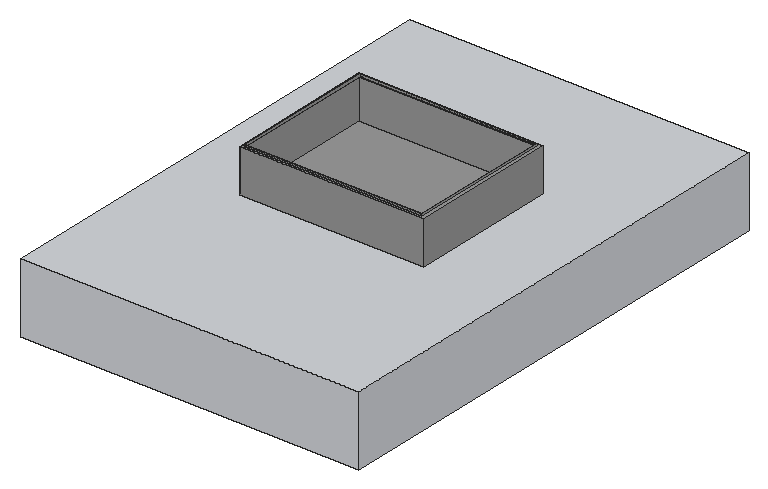
Revit family "Hager-Univers-IP30-D205-H650-Cl.II-Encl-NL-en", category Equipement électrique, Revit 2020
Family settings
  Hôte = Face
  Configuration du panneau = Deux colonnes, circuits au sein
  Cote de connecteur circulaire = Utiliser le diamètre
  Type d'élément = Tableau de raccordement
  Couper avec des vides une fois chargée = Non
  Partagée = Non
  Point de calcul de pièce = Non
Parameters (values of type "Surface mounted (plaster) IP30 W800 H650 D205  - FP43Q1S")
  Width Control [instance] = if([EF000008 - Width] > Min Width, [EF000008 - Width], Min Width)  # 800 mm
  Commentaires du type = [HG000003 - Range]  # "Univers"
  Thickness Door [instance] = if([EF009171 - Material plate thickness door/cover] > 3 mm, 3 mm, [EF009171 - Material plate thickness door/cover])  # 1 mm
  Seal Frame Offset [instance] = 17 mm  # constant formula
  Plinth Visibility [instance] = [HG000027 - Plinth height] > 0 mm  # no
  Model = ""
  Min Width [instance] = 100 mm  # constant formula
  Min Height [instance] = 100 mm  # constant formula
  Min Depth [instance] = (2 * [EF009170 - Material plate thickness cabinet]) + 1 mm  # 3 mm
  Internal Frame Depth [instance] = (Door System Depth * 0.5)  # 9 mm
  Height Control [instance] = if([EF000040 - Height] > Min Height, [EF000040 - Height], Min Height)  # 650 mm
  HG000027 - Plinth height = 0 mm
  HG000026 - Floor standing = no
  HG000024 - Bottom section height = 800 mm
  HG000023 - Double section enclosure = no
  HG000016 - Door 3d visibility [instance] = yes
  HG000015 - Clearance visibility [instance] = no
  HG000014 - Door on the right [instance] = yes
  HG000013 - Door on the left [instance] = not([HG000014 - Door on the right])  # no
  HG000012 - Door swing angle [instance] = 30.00°
  HG000010 - Asymmetric doors = no
  HG000009 - Double swing door = no
  HG000006 - Flush mounted = no
  HG000004 - Manufacturer reference = "FP43Q1S"
  HG000003 - Range = "Univers"
  HG000002 - With door or cover = no
  Frame Offset Bottom [instance] = 10 mm  # constant formula
  Frame Offset [instance] = 15 mm  # constant formula
  EF015940 - Cover with overpressure release = no
  EF011959 - Degree of protection (NEMA) = ""
  EF009554 - Number of openings for flange plates = 6
  EF009212 - Cover model = "EV009916 - With notch"
  EF009171 - Material plate thickness door/cover = 1 mm
  EF009170 - Material plate thickness cabinet = 1 mm
  Fabricant = "Hager"  # constant formula
  EF008873 - Nominal current (In) = 250 A
  EF007800 - Suitable for lightning protection = no
  EF006306 - With lock = no
  EF006244 - Transparent cover/door = no
  EF005474 - Degree of protection (IP) = "EV006410 - IP30"
  EF004464 - Type of door = "EV000494 - None"
  EF004427 - Number of modules = 144
  EF004293 - Impact strength = "EV006813 - IK07"
  EF003532 - Suitable for outdoor use = no
  EF002950 - Width in number of modular spacings = 36
  EF001613 - Circuit integrity = "EV000494 - None"
  EF001596 - Material housing = "EV000179 - Steel"
  EF001131 - Internal depth = 130 mm
  EF001088 - Extension possible = yes
  EF000437 - Number of conduit inlets = 6
  EF000339 - Type of cover = "EV000494 - None"
  EF000266 - Number of rows = 4
  EF000218 - Built-in depth = 0 mm
  EF000118 - With mounting plate = no
  EF000116 - RAL-number = "9010"
  EF000049 - Depth = 205 mm
  EF000040 - Height = 650 mm
  EF000008 - Width = 800 mm
  EF000007 - Colour = "EV000202 - White"
  EF000003 - Mounting method = "EV000384 - Surface mounted (plaster)"
  Door System Leaf Tolerance [instance] = 1.5 mm  # constant formula
  Door System Depth [instance] = 18 mm  # constant formula
  Door Height [instance] = Height Control - [HG000027 - Plinth height]  # 650 mm
  Depth Control [instance] = if([EF000049 - Depth] > Min Depth, [EF000049 - Depth], Min Depth)  # 205 mm
  Default Elevation = 0 mm
  Connector Offset [instance] = Height Control / 2  # 325 mm
  Bottom Top Plate Trim [instance] = 1.5 mm  # constant formula
  Plinth height Ctrl [instance] = if([HG000027 - Plinth height] > 0 mm, [HG000027 - Plinth height], 12 mm)  # 12 mm
Types (5, lengths in mm): name | Width Control | HG000004 - Manufacturer reference | EF009554 - Number of openings for flange plates | EF004427 - Number of modules | EF002950 - Width in number of modular spacings | EF000437 - Number of conduit inlets | EF000008 - Width
  Surface mounted (plaster) IP30 W1050 H650 D205  - FP44Q1S | 1050 | "FP44Q1S" | 8 | 192 | 48 | 8 | 1050
  Surface mounted (plaster) IP30 W1300 H650 D205  - FP45Q1S | 1300 | "FP45Q1S" | 10 | 240 | 60 | 10 | 1300
  Surface mounted (plaster) IP30 W300 H650 D205  - FP41Q1S | 300 | "FP41Q1S" | 2 | 48 | 12 | 2 | 300
  Surface mounted (plaster) IP30 W550 H650 D205  - FP42Q1S | 550 | "FP42Q1S" | 4 | 96 | 24 | 4 | 550
  Surface mounted (plaster) IP30 W800 H650 D205  - FP43Q1S | 800 | "FP43Q1S" | 6 | 144 | 36 | 6 | 800
Reference planes
  plane 1 "Center (Front/Back)": y = 0
  plane 2: z = 0
  plane 3 "Center (Left/Right)": x = 0
  plane 4: z = 205
  plane 5: y = 1
  plane 6: y = 325
  plane 7: y = 0
  plane 8: y = 650
  plane 9: z = 0
  plane 10: x = -385
  plane 11: x = 385
  plane 12: x = 384
  plane 13: x = -384
  plane 14: y = 649
  plane 15: x = -383
  plane 16: x = -400
  plane 17: x = 383
  plane 18: x = 400
  plane 19: x = 399
  plane 20: x = -399
  plane 21: y = 11
  plane 22: y = 650
  plane 23: y = 634
  plane 24: z = 187
  plane 25: z = 1
  plane 26: z = 186
  plane 27: z = 204
Forms (mm)
  Extrusion 1, solid
    sketch origin (0, 0, 0) x (1, 0, 0) y (0, 1, 0)
      loop
        line (-702.964, 1305) -> (-702.964, -811.445) -> (766.763, -811.445) -> (766.763, 1305) -> (-702.964, 1305)
    from 0 to -304.8
  Extrusion 2, solid, material "Hager_Steel_RAL7035_Light_Grey", visible <- "Plinth Visibility", detail levels medium+fine
    sketch origin (0, 0, 0) x (1, 0, 0) y (0, 1, 0)
      loop
        line (-400, 0) -> (400, 0) -> (400, 12) -> (-400, 12) -> (-400, 0)
    from 0 to 187
  Extrusion 3, solid, material "Hager_Steel_RAL7035_Light_Grey", detail levels medium+fine
    sketch origin (0, 0, 0) x (1, 0, 0) y (0, 1, 0)
      loop
        line (-400, 0) -> (400, 0) -> (400, 650) -> (-400, 650) -> (-400, 0)
    from 0 to 187
  Extrusion 4, void
    sketch origin (0, 0, 0) x (1, 0, 0) y (0, 1, 0)
      loop
        line (-399, 1) -> (399, 1) -> (399, 649) -> (-399, 649) -> (-399, 1)
    from 1 to 186
  Extrusion 5, void
    sketch origin (-381.607, -4572, 187) x (0, -1, 0) y (-1, 0, 0)
      loop
        line (-4583, 2.393) -> (-5206, 2.393) -> (-5206, -765.607) -> (-4583, -765.607) -> (-4583, 2.393)
    from 0 to 1 <- "EF009170 - Material plate thickness cabinet"
  Extrusion 6, solid, material "Hager_Steel_RAL7035_Light_Grey", detail levels fine
    sketch origin (0, 0, 187) x (1, 0, 0) y (0, 1, 0)
      loop
        line (-384, 634) -> (-384, 11) -> (384, 11) -> (384, 634) -> (-384, 634)
      loop
        line (-385, 10) -> (385, 10) -> (385, 635) -> (-385, 635) -> (-385, 10)
    from 0 to 9 <- "Internal Frame Depth"
  Extrusion 7, solid, material "Hager_Steel_RAL7035_Light_Grey", detail levels coarse
    sketch origin (0, 0, 0) x (1, 0, 0) y (0, 1, 0)
      loop
        line (-400, 0) -> (400, 0) -> (400, 650) -> (-400, 650) -> (-400, 0)
    from 0 to 205
  Sweep 8, void
    path in 3D
      loop
        line (-400, 12, 0) -> (400, 12, 0) -> (400, 12, 187) -> (-400, 12, 187) -> (-400, 12, 0)
    profile origin (-400, 12, 93.5) x (-1, 0, 0) y (0, -1, 0)
      loop
        line (0, 0) -> (0, 1.5) -> (-1.5, 1.5)
        arc (-1.5, 1.5) -> (-1.061, 0.439) -> (0, 0) r 1.5
Cuts and joins
  Extrusion 4, Extrusion 5 cuts Extrusion 3
  Sweep 8 cuts Extrusion 2
Lines and regions (mm)
  Masking region 1
    outline origin (0, 0, 0) x (1, 0, 0) y (0, 0, 1)
      loop
        line (-400, 205) -> (-400, 0) -> (400, 0) -> (400, 205) -> (-400, 205)
  Masking region 2, detail levels medium+fine
    outline origin (0, 140, 0) x (0, 1, 0) y (0, 0, 1)
      loop
        line (-140, 0) -> (510, 0) -> (510, 187) -> (-140, 187) -> (-140, 0)
  Masking region 3, not visible, detail levels medium+fine
    outline origin (0, 297.922, 0) x (0, 1, 0) y (0, 0, 1)
      loop
        line (38.578, 0) -> (78.578, 0) -> (78.578, 194)
        arc (78.578, 194) -> (75.649, 201.071) -> (68.578, 204) r 10
        line (68.578, 204) -> (38.578, 204) -> (38.578, 0)
  Masking region 4, detail levels coarse
    outline origin (0, 0, 180) x (0, 1, 0) y (0, 0, 1)
      loop
        line (0, -180) -> (650, -180) -> (650, 25) -> (0, 25) -> (0, -180)
  Masking region 5, visible <- "Plinth Visibility", detail levels medium+fine
    outline origin (0, 52.24, 12.345) x (0, 0, -1) y (0, 1, 0)
      loop
        line (10.845, -40.24) -> (-173.155, -40.24)
        arc (-173.155, -40.24) -> (-173.594, -41.301) -> (-174.655, -41.74) r 1.5
        line (-174.655, -41.74) -> (-174.655, -52.24) -> (12.345, -52.24) -> (12.345, -41.74)
        arc (12.345, -41.74) -> (11.285, -41.301) -> (10.845, -40.24) r 1.5
  Masking region 6, detail levels medium+fine
    outline origin (-381.607, -4572, 187) x (-1, 0, 0) y (0, -1, 0)
      loop
        line (18.393, -5222) -> (18.393, -4572) -> (-781.607, -4572) -> (-781.607, -5222) -> (18.393, -5222)
  Masking region 7, visible <- "Plinth Visibility", detail levels medium+fine
    outline origin (-381.607, -4727, 187) x (-1, 0, 0) y (0, -1, 0)
      loop
        arc (16.893, -4739) -> (17.332, -4737.939) -> (18.393, -4737.5) r 1.5
        line (18.393, -4737.5) -> (18.393, -4727) -> (-781.607, -4727) -> (-781.607, -4737.5)
        arc (-781.607, -4737.5) -> (-780.546, -4737.939) -> (-780.107, -4739) r 1.5
        line (-780.107, -4739) -> (16.893, -4739)
  Masking region 8, detail levels coarse
    outline origin (-442.548, -4669.526, 187) x (-1, 0, 0) y (0, -1, 0)
      loop
        line (-42.548, -5319.526) -> (-42.548, -4669.526) -> (-842.548, -4669.526) -> (-842.548, -5319.526) -> (-42.548, -5319.526)
  sketch lines
    curve 1: line (-400, 12, 187) -> (-400, 12, 0)
    curve 2: line (400, 12, 187) -> (-400, 12, 187)
    curve 3: line (400, 12, 187) -> (400, 12, 0)
    curve 4: line (-400, 12, 0) -> (400, 12, 0)
Dimensions and locks
  "Depth Control": plane 4 to Extrusion 1
  "HG000027 - Plinth height": plane 1 "Center (Front/Back)" to plane 7
  "EF009170 - Material plate thickness cabinet": plane 5 to plane 7
  locked: connector elem to plane 3 "Center (Left/Right)"
  equal spacing: plane 8, plane 6, plane 7
  locked: connector elem to plane 6
  "EF009170 - Material plate thickness cabinet": plane 8 to plane 14
  "EF009170 - Material plate thickness cabinet": plane 10 to plane 13
  "EF009170 - Material plate thickness cabinet": plane 12 to plane 11
  "Frame Offset": plane 20 to plane 13
  "Frame Offset": plane 12 to plane 19
  "EF009170 - Material plate thickness cabinet": plane 16 to plane 20
  "EF009170 - Material plate thickness cabinet": plane 19 to plane 18
  "Seal Frame Offset": plane 16 to plane 15
  "Seal Frame Offset": plane 17 to plane 18
  "Frame Offset Bottom": plane 21 to plane 5
  "Frame Offset": plane 14 to plane 23
  equal spacing: plane 16, plane 3 "Center (Left/Right)", plane 18
  "Width Control": plane 16 to plane 18
  "EF009170 - Material plate thickness cabinet": plane 4 to plane 27
  "EF009170 - Material plate thickness cabinet": plane 24 to plane 26
  "EF009170 - Material plate thickness cabinet": plane 25 to level
  "Door System Depth": plane 4 to plane 24
  "Height Control": plane 1 "Center (Front/Back)" to Extrusion 7 sketch curve
  "Height Control": Masking region 4 sketch curve to plane 1 "Center (Front/Back)"
  "Height Control": plane 1 "Center (Front/Back)" to plane 22
  "Bottom Top Plate Trim": profile plane to Sweep 8 sketch curve
  "Bottom Top Plate Trim": Sweep 8 sketch curve to profile plane
  "Plinth height Ctrl": plane 1 "Center (Front/Back)" to Extrusion 2 sketch curve
  "Plinth height Ctrl": Masking region 5 sketch curve to plane 1 "Center (Front/Back)"
  "Plinth height Ctrl": plane 1 "Center (Front/Back)" to Masking region 7 sketch curve
  "Thickness Door": Extrusion 6 sketch curve to Extrusion 6 sketch curve  (x3)
  "Thickness Door": cut or joined group of Extrusion 3, Extrusion 4, Extrusion 5 to Extrusion 6 sketch curve
  radius of Masking region 3 sketch curve = 10 mm
  "Bottom Top Plate Trim": radius of Masking region 5 sketch curve  (x2)
  "Bottom Top Plate Trim": radius of Sweep 8 sketch curve
  "Bottom Top Plate Trim": radius of Masking region 7 sketch curve  (x2)
  aligned and locked: plane 2 to Extrusion 1
  aligned and locked: level to Extrusion 1
  aligned and locked: level to Masking region 1 sketch curve
  aligned and locked: Masking region 1 sketch curve to plane 18
  aligned and locked: Masking region 1 sketch curve to plane 16
  aligned and locked: plane 7 to Masking region 2 sketch curve
  aligned and locked: level to Masking region 3 sketch curve
  aligned and locked: Masking region 3 sketch curve to plane 27
  aligned and locked: level to Masking region 2 sketch curve
  aligned and locked: plane 1 "Center (Front/Back)" to Extrusion 2 sketch curve
  aligned and locked: Extrusion 3 sketch curve to plane 7
  aligned and locked: plane 16 to Extrusion 3 sketch curve
  aligned and locked: plane 18 to Extrusion 3 sketch curve
  aligned and locked: plane 20 to Extrusion 4 sketch curve
  aligned and locked: plane 19 to Extrusion 4 sketch curve
  aligned and locked: Extrusion 4 sketch curve to plane 5
  aligned and locked: Extrusion 4 to plane 25
  aligned and locked: plane 26 to Extrusion 4
  aligned and locked: plane 24 to Extrusion 3
  aligned and locked: Extrusion 5 sketch curve to plane 21
  aligned and locked: Extrusion 5 sketch curve to plane 13
  aligned and locked: Extrusion 5 sketch curve to plane 12
  aligned and locked: plane 18 to Extrusion 7 sketch curve
  aligned and locked: plane 1 "Center (Front/Back)" to Extrusion 7 sketch curve
  aligned and locked: plane 16 to Extrusion 7 sketch curve
  aligned and locked: plane 4 to Extrusion 7
  aligned and locked: Extrusion 7 to level
  aligned and locked: level to Masking region 4 sketch curve
  aligned and locked: Masking region 4 sketch curve to plane 1 "Center (Front/Back)"
  aligned and locked: Masking region 4 sketch curve to plane 4
  aligned and locked: nested 1 to level
  aligned and locked: nested 1 to plane 16
  aligned and locked: plane 8 to Extrusion 3 sketch curve
  aligned and locked: plane 23 to Extrusion 5 sketch curve
  aligned and locked: plane 14 to Extrusion 4 sketch curve
  aligned and locked: Masking region 2 sketch curve to plane 8
  aligned and locked: level to Masking region 5 sketch curve
  aligned and locked: plane 16 to Extrusion 2 sketch curve
  aligned and locked: plane 18 to Extrusion 2 sketch curve
  aligned and locked: Masking region 5 sketch curve to plane 24
  aligned and locked: Masking region 2 sketch curve to plane 24
  aligned and locked: plane 24 to Extrusion 2
  aligned and locked: profile plane to Sweep 8 sketch curve  (x2)
  aligned and locked: Masking region 6 sketch curve to plane 18
  aligned and locked: Masking region 6 sketch curve to plane 22
  aligned and locked: Masking region 6 sketch curve to plane 16
  aligned and locked: plane 8 to plane 22
  aligned and locked: Masking region 6 sketch curve to plane 7
  aligned and locked: Masking region 7 sketch curve to plane 16
  aligned and locked: Masking region 7 sketch curve to plane 1 "Center (Front/Back)"
  aligned and locked: Masking region 7 sketch curve to plane 18
  aligned and locked: Masking region 8 sketch curve to plane 1 "Center (Front/Back)"
  aligned and locked: Masking region 8 sketch curve to plane 18
  aligned and locked: Masking region 8 sketch curve to plane 22
  aligned and locked: Masking region 8 sketch curve to plane 16
  aligned and locked: nested 2 to plane 7
  aligned and locked: plane 3 "Center (Left/Right)" to nested 2
  aligned and locked: nested 2 to plane 24
  aligned and locked: Extrusion 6 sketch curve to cut or joined group of Extrusion 3, Extrusion 4, Extrusion 5  (x4)
Automatic sketch dimensions
  Extrusion 1 sketch curve to Extrusion 1 sketch curve = 1469.727 mm
  Extrusion 1 sketch curve to Extrusion 1 sketch curve = 2116.445 mm
  Masking region 1 sketch curve to plane 4 = 0 mm
  plane 6 to Masking region 3 sketch curve = 11.5 mm
  Masking region 3 sketch curve to Masking region 3 sketch curve = 30 mm
  Masking region 5 sketch curve to plane 1 "Center (Front/Back)" = 0 mm
Nested families
  nested 1: "Hager_Enclosure_Symbol" at (-400, 0, 0) x (1, 0, 0) z (0, -1, 0), Height <- "Depth Control", Width <- "Width Control", type "Hager_Enclosure_Symbol"
    with Width_Ctrl 800 mm, Width 800 mm, Height_Ctrl 205 mm, Height 205 mm, A_Width_Int 13.453 mm, A_Width 161.438 mm, A_Height_Ctrl 179.375 mm, A_Height 179.375 mm
  nested 2: "EC000058_Univers_Door" at (0, 0, 187) x (1, 0, 0) z (0, 1, 0), Leaf_Tolerance <- "Door System Leaf Tolerance", Angle <- "HG000012 - Door swing angle", Door_Depth <- "Door System Depth", Door_Left <- "HG000013 - Door on the left", Transparent <- "EF006244 - Transparent cover/door", Assymetrical <- "HG000010 - Asymmetric doors", Width <- "Width Control", Clearance <- "HG000015 - Clearance visibility", Double <- "HG000009 - Double swing door", 3d_Door <- "HG000016 - Door 3d visibility", Lock_Visibility <- "EF006306 - With lock", Width_Ctrl <- "Width Control", Door_Right <- "HG000014 - Door on the right", Door <- "HG000002 - With door or cover", Height <- "Door Height", Thickness <- "Thickness Door", type "EC000058_Univers_Door", detail levels medium+fine
    with min_wh 3 mm, Width_Ctrl 800 mm, Width 800 mm, Transparent no, Thickness 1 mm, Seal_Material Hager_Rubber, Lock_Visibility no, Lock_Material Hager_Plastic_RAL9005_Jet_Black, Leaf_Width 800 mm, Leaf_Tolerance_External_Sides 0 mm, Leaf_Tolerance 1.5 mm, Leaf_Offset 0 mm, Leaf_Height 647 mm, Leaf_2_Width 800 mm, Leaf_2_Offset 400 mm, Leaf_1_Width 800 mm, Leaf_1_Offset 400 mm, Height_Ctrl 650 mm, Height 650 mm, Glass_Material Hager_Glass, Double_Clearance_Ctrl no, Double no, Door_Right_Ctrl no, Door_Right yes, Door_Material Hager_Steel_RAL7035_Light_Grey, Door_Left_Ctrl no, Door_Left no, Door_Depth 18 mm, Door no, Clearance_Material Hager_Clearance, Clearance_Depth 800 mm, Clearance_Ctrl no, Clearance no, Assymetrical no, Angle 30.00°, 3d_Door yes
Connectors
  electrical at (0, 325, 0)
    settings: on plane 9, index 1, voltage 0 V, apparent load 0 VA, apparent load phase1 0 VA, apparent load phase2 0 VA, apparent load phase3 0 VA, power factor 1, load classification "Other", number of poles 1, system type 30, power factor state 1, is connector primary yes, connector utility no, sub classification motor no, connector description ""
Definition of nested family "Hager_Enclosure_Symbol"
  Parameters (values of type "Hager_Enclosure_Symbol")
    Width_Ctrl [instance] = if(Width > 1 mm, Width, 1 mm)  # 102.27 mm
    Width [instance] = 102.27 mm
    Height_Ctrl [instance] = if(Height > 1 mm, Height, 1 mm)  # 66.5 mm
    A_Width_Int [instance] = if(A_Width / 12 > 2 mm, A_Width / 12, 2 mm)  # 4.364 mm
    A_Width [instance] = if(A_Height_Ctrl * 0.9 > 2 mm, A_Height_Ctrl * 0.9, 2 mm)  # 52.369 mm
    A_Height_Ctrl [instance] = if(A_Height > 2 mm, A_Height, 2 mm)  # 58.188 mm
    Height [instance] = 66.5 mm
    A_Height [instance] = Height - (Height / 8)  # 58.188 mm
  Reference planes
    plane 1 "Centre (avant/arrière)": y = 0
    plane 2: z = 0
    plane 3 "Centre (gauche/droite)": x = 0
    plane 4: x = 52.369
    plane 5: y = 33.042
    plane 6: y = 41.77
    plane 7: y = 66.5
    plane 8: x = 26.184
    plane 9: y = 37.406
    plane 10: x = 102.27
    plane 11: y = 66.5
    plane 12: y = 8.313
  Lines and regions (mm)
    Filled region 1, type "Solid_Black", in view "Niveau de réf."
      outline origin (0, 0, 0) x (1, 0, 0) y (0, 1, 0)
        loop
          line (52.369, 66.5) -> (33.188, 54.536) -> (45.365, 45.006) -> (52.369, 66.5)
    Filled region 2, type "Solid_Black", in view "Niveau de réf."
      outline origin (0, 0, 0) x (1, 0, 0) y (0, 1, 0)
        loop
          line (0, 0) -> (102.27, 0) -> (102.27, 66.5) -> (0, 0)
    detail lines, in view "Niveau de réf."
      curve 1: line (0, 8.313, 0) -> (26.184, 41.77, 0)
      curve 2: line (26.184, 41.77, 0) -> (26.184, 33.042, 0)
      curve 3: line (26.184, 33.042, 0) -> (52.369, 66.5, 0)
  Dimensions and locks
    "A_Width": plane 3 "Centre (gauche/droite)" to plane 4
    equal spacing: plane 3 "Centre (gauche/droite)", plane 8, plane 4
    equal spacing: plane 6, plane 9, plane 5
    equal spacing: curve 3, Filled region 1 sketch curve, Filled region 1 sketch curve
    "Height_Ctrl": plane 1 "Centre (avant/arrière)" to plane 11
    "A_Height_Ctrl": plane 11 to plane 12
    equal spacing: plane 11, plane 9, plane 12
    "A_Width_Int": plane 6 to plane 9
    "Width_Ctrl": plane 3 "Centre (gauche/droite)" to plane 10
    angle Filled region 1 sketch curve to curve 3 = 20.00°
    angle curve 3 to Filled region 1 sketch curve = 20.00°
    locked: curve 3 to Filled region 1 sketch curve (angle 90.00°)
    aligned and locked: plane 10 to Filled region 2
    aligned and locked: plane 11 to Filled region 2 sketch curve
    aligned and locked: plane 10 to Filled region 2 sketch curve
    aligned and locked: plane 3 "Centre (gauche/droite)" to curve 1
    aligned and locked: plane 12 to curve 1
    aligned and locked: plane 7 to plane 11
  Automatic sketch dimensions
    Filled region 1 sketch curve to plane 4 = 0 mm
    Filled region 1 sketch curve to plane 7 = 0 mm
    plane 1 "Centre (avant/arrière)" to Filled region 2 sketch curve = 0 mm
    Filled region 2 sketch curve to plane 3 "Centre (gauche/droite)" = 0 mm
    curve 2 to plane 6 = 0 mm
    curve 2 to plane 8 = 0 mm
    curve 3 to plane 4 = 0 mm
    curve 2 to plane 5 = 0 mm
    curve 3 to plane 7 = 0 mm
Definition of nested family "EC000058_Univers_Door"
  Parameters (values of type "EC000058_Univers_Door")
    min_wh [instance] = (2 * Thickness) + 1 mm  # 11 mm
    Width_Ctrl [instance] = 400 mm
    Width [instance] = 500 mm
    Transparent [instance] = yes
    Thickness [instance] = 5 mm
    Seal_Material [instance] = none
    Lock_Visibility [instance] = yes
    Lock_Material [instance] = none
    Leaf_Width [instance] = if((Width_Ctrl - 2 * Leaf_Tolerance_External_Sides) > 0 mm, (Width_Ctrl - 2 * Leaf_Tolerance_External_Sides), min_wh)  # 400 mm
    Leaf_Tolerance_External_Sides [instance] = 0 mm  # constant formula
    Leaf_Tolerance [instance] = 1.5 mm
    Leaf_Offset [instance] = 0 mm  # constant formula
    Leaf_Height [instance] = if((Height_Ctrl - 2 * Leaf_Tolerance) > 0 mm, (Height_Ctrl - 2 * Leaf_Tolerance), min_wh)  # 497 mm
    Leaf_2_Width [instance] = if(and(and(Double, Assymetrical), Door_Left), (Leaf_Width / 3) - (Leaf_Tolerance / 2), if(and(and(Double, Assymetrical), Door_Right), (Leaf_Width / 3) * 2 - (Leaf_Tolerance / 2), if(and(Double, not(Assymetrical)), (Leaf_Width / 2) - Leaf_Tolerance, Leaf_Width)))  # 400 mm
    Leaf_2_Offset [instance] = if(and(Double, Assymetrical), Leaf_2_Width / 2, if(and(Double, not(Assymetrical)), Leaf_Width / 4, Leaf_Width / 2))  # 200 mm
    Leaf_1_Width [instance] = if(and(and(Double, Assymetrical), Door_Right), (Leaf_Width / 3) - (Leaf_Tolerance / 2), if(and(and(Double, Assymetrical), Door_Left), (Width / 3) * 2 - (Leaf_Tolerance / 2), if(and(Double, not(Assymetrical)), (Leaf_Width / 2) - Leaf_Tolerance, Leaf_Width)))  # 400 mm
    Leaf_1_Offset [instance] = if(and(Double, Assymetrical), Leaf_1_Width / 2, if(and(Double, not(Assymetrical)), Leaf_Width / 4, Leaf_Width / 2))  # 200 mm
    Height_Ctrl [instance] = if(Height > min_wh, Height, min_wh)  # 500 mm
    Height [instance] = 500 mm
    Glass_Material [instance] = none
    Double_Clearance_Ctrl [instance] = and(Double, Clearance)  # no
    Double [instance] = no
    Door_Right_Ctrl [instance] = and(or(Door_Right, Double), Door)  # yes
    Door_Right [instance] = yes
    Door_Material [instance] = none
    Door_Left_Ctrl [instance] = and(or(Door_Left, Double), Door)  # no
    Door_Left [instance] = no
    Door_Depth [instance] = 30 mm
    Door [instance] = yes
    Default Elevation = 1219.2 mm
    Clearance_Material [instance] = none
    Clearance_Depth [instance] = if(Leaf_1_Width > Leaf_2_Width, Leaf_1_Width, Leaf_2_Width)  # 400 mm
    Clearance_Ctrl [instance] = and(not(Double), Clearance)  # yes
    Clearance [instance] = yes
    Assymetrical [instance] = yes
    Angle [instance] = 30.00°
    3d_Door [instance] = yes
  Reference planes
    plane 1 "Center (Front/Back)": y = 0
    plane 2 "Bottom": z = 0
    plane 3 "Center (Left/Right)": x = 0
    plane 4: z = 500
    plane 5: x = -200
    plane 6: x = 200
    plane 7: z = 500
    plane 8: x = -200
    plane 9: z = 0
    plane 10: x = 200
    plane 11: y = 0
    plane 12: z = 1.5
    plane 13: x = -600
    plane 14: y = -400
    plane 15: x = 600
    plane 16: x = 0
    plane 17: x = 0
    plane 18: x = -200
    plane 19: x = 200
    plane 20: z = 498.5
  Forms (mm)
    Extrusion 1, solid, material <- "Clearance_Material", visible <- "Double_Clearance_Ctrl"
      sketch origin (1200, 0, 0) x (1, 0, 0) y (0, 0, -1)
        loop
          line (-1800, -498.5) -> (-600, -498.5) -> (-600, 0) -> (-1800, 0) -> (-1800, -498.5)
      from 0 to -400
  Dimensions and locks
    equal spacing: plane 5, plane 3 "Center (Left/Right)", plane 6
    "Width_Ctrl": plane 5 to plane 6
    "Leaf_Offset": plane 5 to plane 8
    "Leaf_Offset": plane 6 to plane 10
    "Leaf_Offset": plane 9 to level
    "Leaf_Offset": plane 4 to plane 7
    "Height_Ctrl": plane 4 to level
    "Leaf_Tolerance": plane 12 to plane 9
    locked: plane 11 to plane 1 "Center (Front/Back)"
    "Leaf_1_Offset": plane 18 to plane 16
    "Leaf_2_Offset": plane 17 to plane 19
    "Leaf_1_Width": plane 13 to plane 8
    "Leaf_2_Width": plane 10 to plane 15
    "Clearance_Depth": plane 14 to plane 1 "Center (Front/Back)"
    "Leaf_Tolerance_External_Sides": plane 8 to plane 18
    "Leaf_Tolerance_External_Sides": plane 19 to plane 10
    "Leaf_Tolerance": plane 7 to plane 20
    aligned and locked: level to plane 2 "Bottom"
    aligned and locked: nested 1 to plane 16
    aligned and locked: nested 2 to plane 17
    aligned and locked: Extrusion 1 to plane 13
    aligned and locked: plane 15 to Extrusion 1
    aligned and locked: Extrusion 1 to plane 14
    aligned and locked: plane 12 to nested 1
    aligned and locked: nested 2 to plane 12
    aligned and locked: Extrusion 1 to plane 11
    aligned and locked: plane 20 to Extrusion 1
    aligned and locked: nested 2 to plane 11
    aligned and locked: nested 1 to plane 11
  Automatic sketch dimensions
    Extrusion 1 sketch curve to level = 0 mm
    plane 5 to Extrusion 1 sketch curve = 400 mm
    plane 6 to Extrusion 1 sketch curve = 400 mm
    Extrusion 1 sketch curve to plane 4 = 1.5 mm
  Nested families
    nested 1: "EC000058_Univers_Door_Leaf" at (0, 0, 1.5), Width <- "Leaf_1_Width", visible <- "Door_Left_Ctrl", Leaf_Height <- "Leaf_Height", Angle <- "Angle", 3d_Door <- "3d_Door", Transparent <- "Transparent", Clearance Material <- "Clearance_Material", Clearance <- "Clearance_Ctrl", Door_Material <- "Door_Material", Glass_Material <- "Glass_Material", Door_Depth <- "Door_Depth", Lock_Material <- "Lock_Material", Seal_Material <- "Seal_Material", Lock_Visibility <- "Lock_Visibility", Thickness <- "Thickness", type "EC000058_Univers_Door_Leaf"
      with Width 400 mm, Transparent_Glass_Offset 30 mm, Transparent_Ctrl yes, Transparent yes, Thickness 5 mm, Standard no, Seal_Material none, Seal_D2 8 mm, Seal_D1 1 mm, Offset_Internal_Frame 10 mm, Lock_Width 20 mm, Lock_Visibility_3d yes, Lock_Visibility yes, Lock_Thickness_3 3 mm, Lock_Thickness_2 1 mm, Lock_Thickness_1 3 mm, Lock_Radius_Offset_2 16 mm, Lock_Radius_Offset_1 15 mm, Lock_Radius_2 5 mm, Lock_Radius 6 mm, Lock_Offset 5 mm, Lock_Material none, Lock_Height 80 mm, Lock_Cover_Top_Offset_2d 17 mm, Lock_Cover_Height -65 mm, Leaf_Height 497 mm, Internal_Seal_Thickness 8 mm, Internal_Seal_Depth_2 4.5 mm, Internal_Frame_Depth 25 mm, Glass_Thickness -1 mm, Glass_Offset -2 mm, Glass_Material none, Door_Material none, Door_Depth 30 mm, Clearance Material none, Clearance yes, Angle_Ctrl 30.00°, Angle 30.00°, 3d_Door yes
    nested 2: "EC000058_Univers_Door_Leaf" at (0, 0, 1.5) x (-1, 0, 0) z (0, 0, 1), Width <- "Leaf_2_Width", visible <- "Door_Right_Ctrl", Leaf_Height <- "Leaf_Height", Angle <- "Angle", 3d_Door <- "3d_Door", Transparent <- "Transparent", Clearance Material <- "Clearance_Material", Clearance <- "Clearance_Ctrl", Door_Material <- "Door_Material", Glass_Material <- "Glass_Material", Door_Depth <- "Door_Depth", Lock_Material <- "Lock_Material", Seal_Material <- "Seal_Material", Lock_Visibility <- "Lock_Visibility", Thickness <- "Thickness", type "EC000058_Univers_Door_Leaf"
      with Width 400 mm, Transparent_Glass_Offset 30 mm, Transparent_Ctrl yes, Transparent yes, Thickness 5 mm, Standard no, Seal_Material none, Seal_D2 8 mm, Seal_D1 1 mm, Offset_Internal_Frame 10 mm, Lock_Width 20 mm, Lock_Visibility_3d yes, Lock_Visibility yes, Lock_Thickness_3 3 mm, Lock_Thickness_2 1 mm, Lock_Thickness_1 3 mm, Lock_Radius_Offset_2 16 mm, Lock_Radius_Offset_1 15 mm, Lock_Radius_2 5 mm, Lock_Radius 6 mm, Lock_Offset 5 mm, Lock_Material none, Lock_Height 80 mm, Lock_Cover_Top_Offset_2d 17 mm, Lock_Cover_Height -65 mm, Leaf_Height 497 mm, Internal_Seal_Thickness 8 mm, Internal_Seal_Depth_2 4.5 mm, Internal_Frame_Depth 25 mm, Glass_Thickness -1 mm, Glass_Offset -2 mm, Glass_Material none, Door_Material none, Door_Depth 30 mm, Clearance Material none, Clearance yes, Angle_Ctrl 30.00°, Angle 30.00°, 3d_Door yes
  Definition of nested family "EC000058_Univers_Door_Leaf"
    Parameters (values of type "EC000058_Univers_Door_Leaf")
      Width [instance] = 2000 mm
      Transparent_Glass_Offset [instance] = 30 mm
      Transparent_Ctrl [instance] = and(Transparent, [3d_Door])  # yes
      Transparent [instance] = yes
      Thickness [instance] = 5 mm
      Standard [instance] = and(not(Transparent), [3d_Door])  # no
      Seal_Material [instance] = none
      Seal_D2 [instance] = 8 mm  # constant formula
      Seal_D1 [instance] = 1 mm  # constant formula
      Offset_Internal_Frame [instance] = 10 mm  # constant formula
      Lock_Width [instance] = 20 mm  # constant formula
      Lock_Visibility_3d [instance] = and(Lock_Visibility, [3d_Door])  # yes
      Lock_Visibility [instance] = yes
      Lock_Thickness_3 [instance] = 3 mm  # constant formula
      Lock_Thickness_2 [instance] = 1 mm  # constant formula
      Lock_Thickness_1 [instance] = 3 mm  # constant formula
      Lock_Radius_Offset_2 [instance] = Lock_Radius_Offset_1 + 1 mm  # 16 mm
      Lock_Radius_Offset_1 [instance] = 15 mm  # constant formula
      Lock_Radius_2 [instance] = Lock_Radius - 1 mm  # 5 mm
      Lock_Radius [instance] = 6 mm  # constant formula
      Lock_Offset [instance] = 5 mm  # constant formula
      Lock_Material [instance] = none
      Lock_Height [instance] = 80 mm  # constant formula
      Lock_Cover_Top_Offset_2d [instance] = Lock_Radius_Offset_2 + 1 mm  # 17 mm
      Lock_Cover_Height [instance] = -(Lock_Height - Lock_Radius_Offset_1)  # -65 mm
      Leaf_Height [instance] = 2720.336 mm
      Internal_Seal_Thickness [instance] = 8 mm  # constant formula
      Internal_Seal_Depth_2 [instance] = 4.5 mm  # constant formula
      Internal_Frame_Depth [instance] = if(Door_Depth - Thickness > 5 mm, Door_Depth - Thickness, 5 mm)  # 25 mm
      Glass_Thickness [instance] = if(Thickness > 15 mm, Glass_Offset + 10 mm, -1 mm)  # -1 mm
      Glass_Offset [instance] = if(Thickness > 15 mm, -(Thickness + 10 mm) / 2, -2 mm)  # -2 mm
      Glass_Material [instance] = none
      Door_Material [instance] = none
      Door_Depth [instance] = 30 mm
      Default Elevation = 0 mm
      Clearance Material [instance] = none
      Clearance [instance] = yes
      Angle_Ctrl [instance] = if(Angle > 180.00°, 180.00°, Angle)  # 90.00°
      Angle [instance] = 90.00°
      3d_Door [instance] = yes
    Reference planes
      plane 1 "Center (Front/Back)": y = 0
      plane 2: z = 0
      plane 3 "Center (Left/Right)": x = 0
      plane 4: y = 2000
      plane 5: x = -1000
      plane 6: x = 1000
      plane 7: x = -3000
      plane 8: z = 2720.336
      plane 9: z = 30
      plane 10: z = 2690.336
      plane 11: x = 970
      plane 12: x = -970
      plane 13: y = -3
      plane 14: z = 107.833
      plane 15: y = -5
      plane 16: y = -223.314
      plane 17: x = -1000
      plane 18: z = 1360.168
      plane 19: y = 30
    Forms (mm)
      Extrusion 1, solid, material <- "Clearance Material", visible <- "Clearance"
        sketch origin (0, 0, 0) x (1, 0, 0) y (0, 0, 1)
          loop
            line (-3000, 2720.336) -> (-3000, 0) -> (1000, 0) -> (1000, 2720.336) -> (-3000, 2720.336)
        from 0 to -2000
      Extrusion 2, solid, material <- "Door_Material", visible <- "Standard", detail levels medium+fine
        sketch origin (-1000, 0, 0) x (0, 1, 0) y (-1, 0, 0)
          loop
            line (0, 30) -> (0, 25) -> (2000, 25) -> (2000, 30) -> (0, 30)
        from 0 to 2720.336 <- "Leaf_Height"
      Extrusion 3, solid, material <- "Door_Material", visible <- "Transparent_Ctrl", detail levels medium+fine
        sketch origin (-1000, 0, 0) x (0, 1, 0) y (-1, 0, 0)
          loop
            line (0, 25) -> (2000, 25) -> (2000, 30) -> (0, 30) -> (0, 25)
        from 0 to 2720.336 <- "Leaf_Height"
      Extrusion 4, void
        sketch origin (-1025, 2000, 0) x (0, 1, 0) y (0, 0, -1)
          loop
            line (-30, -2690.336) -> (-30, -30) -> (-1970, -30) -> (-1970, -2690.336) -> (-30, -2690.336)
        from 0 to 5 <- "Thickness"
      Sweep 5, solid, material <- "Seal_Material", visible <- "Transparent_Ctrl", detail levels fine
        path in 3D
          loop
            line (-1025, 30, 30) -> (-1025, 30, 2690.336) -> (-1025, 1970, 2690.336) -> (-1025, 1970, 30) -> (-1025, 30, 30)
        profile origin (-1025, 1000, 30) x (1, 0, 0) y (0, 0, 1)
          loop
            line (0, 0) -> (0, -8) -> (1, -8) -> (1, 0) -> (0, 0)
      Extrusion 6, solid, material <- "Glass_Material", visible <- "Transparent_Ctrl", detail levels medium+fine
        sketch origin (-1030, 0, 0) x (0, 1, 0) y (0, 0, -1)
          loop
            line (1970, -2690.336) -> (1970, -30) -> (30, -30) -> (30, -2690.336) -> (1970, -2690.336)
        from -2 <- "Glass_Offset" to -1 <- "Glass_Thickness"
      Extrusion 7, solid, material <- "Door_Material", visible <- "3d_Door", detail levels medium+fine
        sketch origin (-1025, 2000, 0) x (0, -1, 0) y (0, 0, -1)
          loop
            line (0, -2720.336) -> (2000, -2720.336) -> (2000, 0) -> (0, 0) -> (0, -2720.336)
          loop
            line (1995, -5) -> (5, -5) -> (5, -2715.336) -> (1995, -2715.336) -> (1995, -5)
        from 0 to 25 <- "Internal_Frame_Depth"
      Sweep 8, solid, material <- "Seal_Material", visible <- "Transparent_Ctrl", detail levels fine
        path in 3D
          loop
            line (-1025, 0, 0) -> (-1025, 2000, 0) -> (-1025, 2000, 2720.336) -> (-1025, 0, 2720.336) -> (-1025, 0, 0)
        profile origin (-1025, 0, 1360.168) x (1, 0, 0) y (0, 1, 0)
          loop
            line (0, 10) -> (2.975, 10)
            arc (2.975, 10) -> (4.053, 10.447) -> (4.5, 11.525) r 1.525
            line (4.5, 11.525) -> (4.5, 16.527)
            arc (4.5, 16.527) -> (4.069, 17.569) -> (3.027, 18) r 1.473
            line (3.027, 18) -> (0, 18) -> (0, 10)
      Extrusion 9, solid, material <- "Lock_Material", visible <- "Lock_Visibility_3d", detail levels fine
        sketch origin (-1030, 0, 0) x (0, 1, 0) y (0, 0, -1)
          loop
            arc (1993.5, -1400.168) -> (1994.561, -1399.729) -> (1995, -1398.668) r 1.5
            line (1995, -1398.668) -> (1995, -1320.168) -> (1975, -1320.168) -> (1975, -1398.668)
            arc (1975, -1398.668) -> (1975.439, -1399.729) -> (1976.5, -1400.168) r 1.5
            line (1976.5, -1400.168) -> (1993.5, -1400.168)
        from 3 <- "Lock_Thickness_1" to 0
      Blend 10, solid, material <- "Lock_Material", visible <- "Lock_Visibility_3d", detail levels fine
        base sketch origin (-1033, 0, 0) x (0, 1, 0) y (0, 0, -1)
          loop
            line (1975, -1320.168) -> (1975, -1398.668)
            arc (1975, -1398.668) -> (1975.439, -1399.729) -> (1976.5, -1400.168) r 1.5
            line (1976.5, -1400.168) -> (1993.5, -1400.168)
            arc (1993.5, -1400.168) -> (1994.561, -1399.729) -> (1995, -1398.668) r 1.5
            line (1995, -1398.668) -> (1995, -1320.168) -> (1975, -1320.168)
        top sketch origin (-1033, 0, 0) x (0, 1, 0) y (0, 0, -1)
          loop
            line (1976, -1320.168) -> (1976, -1398.668)
            arc (1976, -1398.668) -> (1976.146, -1399.022) -> (1976.5, -1399.168) r 0.5
            line (1976.5, -1399.168) -> (1993.5, -1399.168)
            arc (1993.5, -1399.168) -> (1993.854, -1399.022) -> (1994, -1398.668) r 0.5
            line (1994, -1398.668) -> (1994, -1320.168) -> (1976, -1320.168)
        from 0 to 1 <- "Lock_Thickness_2"
      Blend 11, solid, material <- "Lock_Material", visible <- "Lock_Visibility_3d", detail levels fine
        base sketch origin (-1034, 0, 0) x (0, 1, 0) y (0, 0, -1)
          loop
            line (1978, -1320.168) -> (1978, -1384.168)
            arc (1978, -1384.168) -> (1985, -1391.168) -> (1992, -1384.168) r 7
            line (1992, -1384.168) -> (1992, -1320.168) -> (1978, -1320.168)
        top sketch origin (-1034, 0, 0) x (0, 1, 0) y (0, 0, -1)
          loop
            line (1991, -1320.168) -> (1979, -1320.168) -> (1979, -1383.168)
            arc (1979, -1383.168) -> (1985, -1389.168) -> (1991, -1383.168) r 6
            line (1991, -1383.168) -> (1991, -1320.168)
        from 0 to 3 <- "Lock_Thickness_3"
      Extrusion 12, solid, material <- "Lock_Material", visible <- "Lock_Visibility_3d", detail levels fine
        sketch origin (-1030, 1975, 1320.168) x (1, 0, 0) y (0, -1, 0)
          loop
            line (-7, -19) -> (-7, -1) -> (0, -1) -> (0, 0) -> (-8, 0) -> (-8, -20) -> (0, -20) -> (0, -19) -> (-7, -19)
        from 0 to -65 <- "Lock_Cover_Height"
      Extrusion 13, void
        sketch origin (-1038, 1995, 1320.168) x (-1, 0, 0) y (0, 0, -1)
          loop
            line (-5, -65) -> (0, -65) -> (-5, -60) -> (-5, -65)
        from 0 to 20 <- "Lock_Width"
      Extrusion 14, void
        sketch origin (-1038, 1975, 1320.168) x (0, -1, 0) y (0, 0, -1)
          loop
            circle (-10, -15.995) r 6
          loop
            circle (-10, -15.995) r 5
        from 0 to 2
      Extrusion 15, solid, material <- "Lock_Material", visible <- "Lock_Visibility_3d", detail levels medium
        sketch origin (-1030, 0, 0) x (0, 1, 0) y (0, 0, -1)
          loop
            arc (1993.5, -1400.168) -> (1994.561, -1399.729) -> (1995, -1398.668) r 1.5
            line (1995, -1398.668) -> (1995, -1320.168) -> (1975, -1320.168) -> (1975, -1398.668)
            arc (1975, -1398.668) -> (1975.439, -1399.729) -> (1976.5, -1400.168) r 1.5
            line (1976.5, -1400.168) -> (1993.5, -1400.168)
        from 8 to 0
    Cuts and joins
      Extrusion 4 cuts Extrusion 3
      Extrusion 13, Extrusion 14 cuts Extrusion 9
      Extrusion 14 cuts Blend 11
      Extrusion 13, Extrusion 14 cuts Extrusion 12
      joined: Extrusion 9, Blend 10, Blend 11, Extrusion 12
      Extrusion 14 cuts Extrusion 15
    Lines and regions (mm)
      Masking region 1, visible <- "Lock_Visibility", detail levels fine
        outline origin (0, 0, 0) x (0, 1, 0) y (0, 0, 1)
          loop
            line (30, 1320.168) -> (33, 1320.168) -> (33, 1400.168) -> (30, 1400.168) -> (30, 1320.168)
      Masking region 2, visible <- "Lock_Visibility", detail levels fine
        outline origin (0, 3.143, 0) x (0, 1, 0) y (0, 0, 1)
          loop
            line (29.857, 1354.168) -> (30.857, 1354.168) -> (30.857, 1366.168) -> (29.857, 1366.168) -> (29.857, 1354.168)
      Masking region 3, detail levels medium+fine
        outline origin (0, 0, 0) x (0, 1, 0) y (0, 0, 1)
          loop
            line (0, 0) -> (30, 0) -> (30, 2720.336) -> (0, 2720.336) -> (0, 0)
      Masking region 4, detail levels medium+fine
        outline origin (0, 0, 0) x (1, 0, 0) y (0, 0, 1)
          loop
            line (-1000, 2720.336) -> (-1000, 0) -> (1000, 0) -> (1000, 2720.336) -> (-1000, 2720.336)
      Masking region 5, visible <- "Lock_Visibility", detail levels fine
        outline origin (-47.116, 0, 0) x (1, 0, 0) y (0, 0, 1)
          loop
            arc (1024.616, 1399.168) -> (1023.556, 1398.729) -> (1023.116, 1397.668) r 1.5
            line (1023.116, 1397.668) -> (1023.116, 1320.168) -> (1041.116, 1320.168) -> (1041.116, 1397.668)
            arc (1041.116, 1397.668) -> (1040.677, 1398.729) -> (1039.616, 1399.168) r 1.5
            line (1039.616, 1399.168) -> (1024.616, 1399.168)
      Masking region 6, visible <- "Lock_Visibility", detail levels medium+fine
        outline origin (-25, 0, 0) x (1, 0, 0) y (0, 0, 1)
          loop
            arc (1001.5, 1400.168) -> (1000.439, 1399.729) -> (1000, 1398.668) r 1.5
            line (1000, 1398.668) -> (1000, 1320.168) -> (1020, 1320.168) -> (1020, 1398.668)
            arc (1020, 1398.668) -> (1019.561, 1399.729) -> (1018.5, 1400.168) r 1.5
            line (1018.5, 1400.168) -> (1001.5, 1400.168)
      Masking region 7, visible <- "Lock_Visibility", detail levels fine
        outline origin (-73.735, 0, 0) x (1, 0, 0) y (0, 0, 1)
          loop
            line (1051.735, 1382.168) -> (1065.735, 1382.168) -> (1065.735, 1384.168)
            arc (1065.735, 1384.168) -> (1058.735, 1391.168) -> (1051.735, 1384.168) r 7
            line (1051.735, 1384.168) -> (1051.735, 1382.168)
      Masking region 8, visible <- "Lock_Visibility", detail levels fine
        outline origin (-73.735, 0, 0) x (1, 0, 0) y (0, 0, 1)
          loop
            line (1052.735, 1382.168) -> (1064.735, 1382.168) -> (1064.735, 1383.168)
            arc (1064.735, 1383.168) -> (1058.735, 1389.168) -> (1052.735, 1383.168) r 6
            line (1052.735, 1383.168) -> (1052.735, 1382.168)
      Masking region 9, visible <- "Lock_Visibility", detail levels fine
        outline origin (-25, 0, 0) x (1, 0, 0) y (0, 0, 1)
          loop
            line (1020, 1320.168) -> (1020, 1382.168) -> (1000, 1382.168) -> (1000, 1320.168) -> (1020, 1320.168)
      Masking region 10, detail levels medium+fine
        outline origin (0, 0, 0) x (1, 0, 0) y (0, 0, 1)
          loop
            circle (985, 1335.144) r 6
      Masking region 11, detail levels fine
        outline origin (0, 0, 0) x (1, 0, 0) y (0, 0, 1)
          loop
            circle (985, 1335.144) r 5
      Masking region 12, visible <- "Lock_Visibility", detail levels fine
        outline origin (0, 12.767, 0) x (0, 1, 0) y (0, 0, 1)
          loop
            line (20.233, 1320.168) -> (21.233, 1320.168) -> (21.233, 1399.168) -> (20.233, 1400.168) -> (20.233, 1320.168)
      Masking region 13, visible <- "Lock_Visibility", detail levels fine
        outline origin (0, 13.767, -10) x (0, 1, 0) y (0, 0, 1)
          loop
            line (20.233, 1330.168) -> (23.233, 1330.168) -> (23.233, 1399.168) -> (20.233, 1402.168) -> (20.233, 1330.168)
      Masking region 14, visible <- "Lock_Visibility", detail levels fine
        outline origin (0, 12.767, -10) x (0, 1, 0) y (0, 0, 1)
          loop
            line (20.233, 1330.168) -> (25.233, 1330.168) -> (25.233, 1399.305) -> (20.233, 1394.305) -> (20.233, 1330.168)
      Masking region 15, visible <- "Lock_Visibility", detail levels medium
        outline origin (0, 0, 0) x (0, 1, 0) y (0, 0, 1)
          loop
            line (30, 1320.168) -> (38, 1320.168) -> (38, 1400.168) -> (30, 1400.168) -> (30, 1320.168)
      Masking region 16, visible <- "Lock_Visibility", detail levels fine
        outline origin (-1000, 0, 0) x (0, 1, 0) y (-1, 0, 0)
          loop
            line (1975, 30) -> (1995, 30) -> (1995, 38) -> (1975, 38) -> (1975, 30)
          loop
            line (1979, 37) -> (1976, 37) -> (1976, 34) -> (1978, 34) -> (1979, 37)
          loop
            line (1994, 37) -> (1991, 37) -> (1992, 34) -> (1994, 34) -> (1994, 37)
      Masking region 17, visible <- "Lock_Visibility", detail levels medium
        outline origin (-1000, 0, 0) x (0, 1, 0) y (-1, 0, 0)
          loop
            line (1975, 30) -> (1995, 30) -> (1995, 38) -> (1975, 38) -> (1975, 30)
      symbolic lines
        curve 1: line (1000, 0, 0) -> (-3000, 0, 0)
        curve 2: arc (1000, 0, 0) -> (-1000, 2000, 0) -> (-3000, 0, 0) r 2000
        curve 4: line (-1030, 0, 0) -> (-1030, 2000, 0)
      reference lines
        curve 3: line (-1000, 0, 0) -> (-1000, 2000, 0)
      symbolic lines, detail levels medium+fine
        curve 5: line (-1030, 2000, 0) -> (-1025, 2000, 0)
        curve 7: line (-1025, 0, 0) -> (-1030, 0, 0)
        curve 8: line (-1025, 0, 0) -> (-1000, 0, 0)
        curve 9: line (-1000, 0, 0) -> (-1000, 2000, 0)
        curve 10: line (-1000, 2000, 0) -> (-1025, 2000, 0)
      symbolic lines, detail levels fine
        curve 6: line (-1025, 2000, 0) -> (-1025, 0, 0)
      sketch lines
        curve 11: line (-1025, 0, 2720.336) -> (-1025, 0, 0)
        curve 12: line (-1025, 2000, 0) -> (-1025, 0, 0)
        curve 13: line (-1025, 2000, 2720.336) -> (-1025, 2000, 0)
        curve 14: line (-1025, 0, 2720.336) -> (-1025, 2000, 2720.336)
        curve 15: line (-1025, 1970, 30) -> (-1025, 30, 30)
        curve 16: line (-1025, 30, 30) -> (-1025, 30, 2690.336)
        curve 17: line (-1025, 1970, 2690.336) -> (-1025, 1970, 30)
        curve 18: line (-1025, 30, 2690.336) -> (-1025, 1970, 2690.336)
      symbolic lines, visible <- "Transparent", detail levels medium+fine
        curve 19: line (-970, 0, 2690.336) -> (970, 0, 2690.336)
        curve 20: line (-970, 0, 30) -> (-970, 0, 2690.336)
        curve 21: line (970, 0, 30) -> (-970, 0, 30)
        curve 22: line (970, 0, 2690.336) -> (970, 0, 30)
    Dimensions and locks
      "Width": plane 1 "Center (Front/Back)" to plane 4
      equal spacing: plane 5, plane 3 "Center (Left/Right)", plane 6
      "Width": plane 5 to plane 6
      "Width": plane 7 to plane 5
      "Leaf_Height": plane 8 to level
      "Width": curve 5 to curve 3
      "Width": curve 3 to curve 3
      plane 8 to plane 10 = 30 mm
      plane 9 to level = 30 mm
      plane 12 to plane 5 = 30 mm
      plane 6 to plane 11 = 30 mm
      Extrusion 1 to Extrusion 4 sketch curve = 30 mm
      "Transparent_Glass_Offset": curve 3 to Extrusion 4 sketch curve
      "Transparent_Glass_Offset": Extrusion 4 sketch curve to cut or joined group of Extrusion 3, Extrusion 4  (x2)
      cut or joined group of Extrusion 3, Extrusion 4 to Extrusion 6 sketch curve = 30 mm
      "Transparent_Glass_Offset": cut or joined group of Extrusion 3, Extrusion 4 to Extrusion 4 sketch curve
      "Thickness": curve 6 to curve 4
      "Thickness": Extrusion 7 sketch curve to Extrusion 7 sketch curve  (x4)
      "Door_Depth": curve 4 to curve 3
      "Offset_Internal_Frame": profile plane to Sweep 8 sketch curve
      "Internal_Seal_Thickness": Sweep 8 sketch curve to Sweep 8 sketch curve
      "Internal_Seal_Depth_2": profile plane to Sweep 8 sketch curve
      "Seal_D1": profile plane to Sweep 5 sketch curve
      "Seal_D2": profile plane to Sweep 5 sketch curve
      "Thickness": Extrusion 2 sketch curve to Extrusion 2 sketch curve
      equal spacing: Extrusion 9 sketch curve, plane 18, Extrusion 9 sketch curve  (x2)
      equal spacing: Masking region 1 sketch curve, plane 18, Masking region 1 sketch curve
      "Lock_Height": Masking region 1 sketch curve to Masking region 1 sketch curve
      "Lock_Radius": Masking region 2 sketch curve to plane 18 to Masking region 2 sketch curve
      Masking region 2 sketch curve to Masking region 1 = 1 mm
      "Door_Depth": plane 19 to plane 1 "Center (Front/Back)"
      "Lock_Thickness_1": Masking region 1 sketch curve to plane 19
      "Lock_Width": Extrusion 9 sketch curve to Extrusion 9 sketch curve
      "Lock_Height": Extrusion 9 sketch curve to Extrusion 9 sketch curve
      "Lock_Offset": cut or joined group of Extrusion 3, Extrusion 4 to Extrusion 9 sketch curve
      equal spacing: plane 8, plane 18, level
      "Lock_Radius_Offset_1": Blend 11 sketch curve to Blend 10
      locked: Blend 10 to Blend 11 sketch curve at 2  (x2)
      locked: var sketch to Blend 11 sketch curve at 1  (x2)
      "Lock_Radius_Offset_2": Blend 11 sketch curve to Blend 10
      locked: Extrusion 12 sketch curve to Extrusion 12 sketch curve at 1  (x3)
      Masking region 6 sketch curve to Masking region 6 sketch curve = 80 mm
      "Lock_Height": Masking region 6 sketch curve to Masking region 6 sketch curve
      "Lock_Width": Masking region 6 sketch curve to Masking region 6 sketch curve
      locked: Masking region 6 to Masking region 5 sketch curve at 1  (x3)
      locked: Masking region 5 to Masking region 7 sketch curve at 2  (x2)
      "Lock_Radius_Offset_1": Masking region 5 to Masking region 7 sketch curve
      "Lock_Radius_Offset_2": Masking region 5 to Masking region 8 sketch curve
      locked: Masking region 7 to Masking region 8 sketch curve at 1  (x2)
      "Lock_Cover_Top_Offset_2d": Masking region 5 to Masking region 9 sketch curve
      equal spacing: Masking region 9, Masking region 10 sketch curve, Masking region 9
      equal spacing: Masking region 9, Masking region 11 sketch curve, Masking region 9
      Extrusion 15 sketch curve to Extrusion 15 sketch curve = 80 mm
      "Lock_Width": Extrusion 15 sketch curve to Extrusion 15 sketch curve
      "Lock_Height": Extrusion 15 sketch curve to Extrusion 15 sketch curve
      equal spacing: Extrusion 15 sketch curve, plane 18, Extrusion 15 sketch curve
      "Lock_Thickness_3": Masking region 13 sketch curve to Masking region 13 sketch curve
      "Lock_Height": Masking region 12 sketch curve to Masking region 12 sketch curve
      locked: Masking region 13 sketch curve to Masking region 1 at 8
      locked: Masking region 14 sketch curve to Masking region 13 at 1
      locked: Masking region 14 sketch curve to Masking region 1 at 10.863
      "Lock_Height": Masking region 15 sketch curve to Masking region 15 sketch curve
      "Lock_Offset": Extrusion 15 sketch curve to cut or joined group of Extrusion 3, Extrusion 4
      "Lock_Offset": plane 6 to Masking region 6 sketch curve
      radius of Sweep 8 sketch curve = 1.525 mm
      radius of Sweep 8 sketch curve = 1.473 mm
      radius of Extrusion 9 sketch curve = 1.5 mm  (x2)
      "Lock_Radius": radius of Extrusion 14 sketch curve
      "Lock_Radius_2": radius of Extrusion 14 sketch curve
      "Lock_Radius": radius of Masking region 10 sketch curve
      "Lock_Radius_2": radius of Masking region 11 sketch curve
      radius of Extrusion 15 sketch curve = 1.5 mm  (x2)
      "Angle_Ctrl": angle plane 1 "Center (Front/Back)" to curve 3
      locked: Masking region 12 sketch curve to Masking region 12 sketch curve (angle 45.00°)
      locked: Masking region 13 sketch curve to Masking region 13 sketch curve (angle 45.00°)
      locked: Masking region 14 sketch curve to Masking region 14 sketch curve (angle 45.00°)
      aligned and locked: level to plane 2
      aligned and locked: Extrusion 1 to curve 1
      aligned and locked: plane 6 to Extrusion 1
      aligned and locked: Extrusion 1 to plane 1 "Center (Front/Back)"
      aligned and locked: plane 4 to Extrusion 1
      aligned and locked: plane 8 to Extrusion 1
      aligned and locked: curve 7 to Extrusion 2 sketch curve
      aligned and locked: curve 5 to Extrusion 2 sketch curve
      aligned and locked: curve 7 to Extrusion 3 sketch curve
      aligned and locked: Extrusion 3 sketch curve to curve 4
      aligned and locked: Extrusion 3 sketch curve to curve 6
      aligned and locked: Extrusion 3 sketch curve to curve 5
      aligned and locked: curve 9 to curve 3
      aligned and locked: Extrusion 7 sketch curve to cut or joined group of Extrusion 3, Extrusion 4  (x4)
      aligned and locked: plane 17 to curve 3
      aligned and locked: plane 1 "Center (Front/Back)" to curve 3
      aligned and locked: plane 17 to plane 5
      aligned and locked: Sweep 8 sketch curve to profile plane
      aligned and locked: Sweep 5 sketch curve to profile plane  (x2)
      aligned and locked: Masking region 1 to Masking region 2 sketch curve
      aligned and locked: plane 19 to Masking region 1 sketch curve
      aligned and locked: plane 1 "Center (Front/Back)" to Masking region 3 sketch curve
      aligned and locked: plane 19 to Masking region 3 sketch curve
      aligned and locked: level to Masking region 3 sketch curve
      aligned and locked: Masking region 3 sketch curve to plane 8
      aligned and locked: plane 17 to Masking region 4 sketch curve
      aligned and locked: level to Masking region 4 sketch curve
      aligned and locked: Masking region 4 sketch curve to plane 8
      aligned and locked: plane 12 to curve 20
      aligned and locked: plane 10 to curve 19
      aligned and locked: plane 11 to curve 22
      aligned and locked: curve 21 to plane 9
      aligned and locked: Extrusion 2 sketch curve to cut or joined group of Extrusion 3, Extrusion 4
      aligned and locked: Blend 10 sketch curve to Extrusion 9  (x4)
      aligned and locked: Extrusion 9 to Blend 10 sketch curve
      aligned and locked: Blend 10 to Blend 11 sketch curve
      aligned and locked: Extrusion 12 sketch curve to Blend 11
      aligned and locked: Extrusion 12 sketch curve to Extrusion 9  (x4)
      aligned and locked: Masking region 5 sketch curve to Masking region 6
      aligned and locked: Masking region 9 sketch curve to Masking region 6  (x3)
      aligned and locked: Masking region 12 sketch curve to Masking region 1
      aligned and locked: Masking region 13 sketch curve to Masking region 1
      aligned and locked: Masking region 12 to Masking region 14
      aligned and locked: Masking region 14 sketch curve to Masking region 1
      aligned and locked: Masking region 15 sketch curve to Masking region 14
      aligned and locked: Masking region 13 sketch curve to Masking region 12
      aligned and locked: Masking region 16 sketch curve to cut or joined group of Extrusion 14, Extrusion 15  (x4)
      aligned and locked: Masking region 16 sketch curve to cut or joined group of Extrusion 9, Blend 10, Blend 11, Extrusion 12, Extrusion 13, Extrusion 14  (x6)
      aligned and locked: cut or joined group of Extrusion 9, Blend 10, Blend 11, Extrusion 12, Extrusion 13, Extrusion 14 to Masking region 16 sketch curve
      aligned and locked: Masking region 17 sketch curve to cut or joined group of Extrusion 14, Extrusion 15  (x3)
      aligned and locked: Masking region 17 sketch curve to cut or joined group of Extrusion 9, Blend 10, Blend 11, Extrusion 12, Extrusion 13, Extrusion 14
      aligned and locked: Masking region 9 to Masking region 8 sketch curve
      aligned and locked: Masking region 9 to Masking region 7 sketch curve
    Automatic sketch dimensions
      plane 1 "Center (Front/Back)" to curve 2 = 0 mm
      curve 2 to plane 5 = 0 mm
      Extrusion 1 sketch curve to level = 0 mm
      Extrusion 1 sketch curve to plane 7 = 0 mm
      Extrusion 1 sketch curve to plane 6 = 0 mm
      Extrusion 1 sketch curve to plane 8 = 0 mm
      Extrusion 3 to Extrusion 6 sketch curve = 30 mm  (x4)
      Masking region 4 sketch curve to plane 6 = 0 mm
      Blend 10 sketch curve to Extrusion 9 = 1.5 mm
      Blend 10 sketch curve to Extrusion 9 = 1 mm
      Extrusion 13 sketch curve to Extrusion 12 = 0 mm  (x2)
      Extrusion 12 to Extrusion 13 sketch curve = 3 mm
      Extrusion 13 sketch curve to Extrusion 12 = 5 mm
      Extrusion 14 sketch curve to Extrusion 14 sketch curve = 0 mm  (x2)
      Extrusion 14 sketch curve to Extrusion 12 = 10 mm
      Extrusion 14 sketch curve to Extrusion 12 = 15.995 mm
      Masking region 5 sketch curve to Masking region 5 sketch curve = 1.5 mm  (x2)
      Masking region 10 sketch curve to plane 18 = 25.024 mm
      Masking region 11 sketch curve to plane 18 = 25.024 mm
      plane 19 to Masking region 14 sketch curve = 3 mm
      Masking region 16 sketch curve to Masking region 16 sketch curve = 3 mm
      curve 4 to curve 3 = 0 mm
      Blend 10 to Blend 11 sketch curve = 0 mm
      Masking region 6 sketch curve to Masking region 6 sketch curve = 1.5 mm  (x2)
      Masking region 6 sketch curve to plane 18 = 40 mm
      plane 19 to Masking region 12 sketch curve = 3 mm
      Masking region 12 sketch curve to Masking region 12 sketch curve = 1 mm
      Masking region 15 sketch curve to plane 19 = 0 mm
      Masking region 15 sketch curve to plane 18 = 40 mm
      radius of Blend 10 sketch curve to Extrusion 9 = 1 mm
